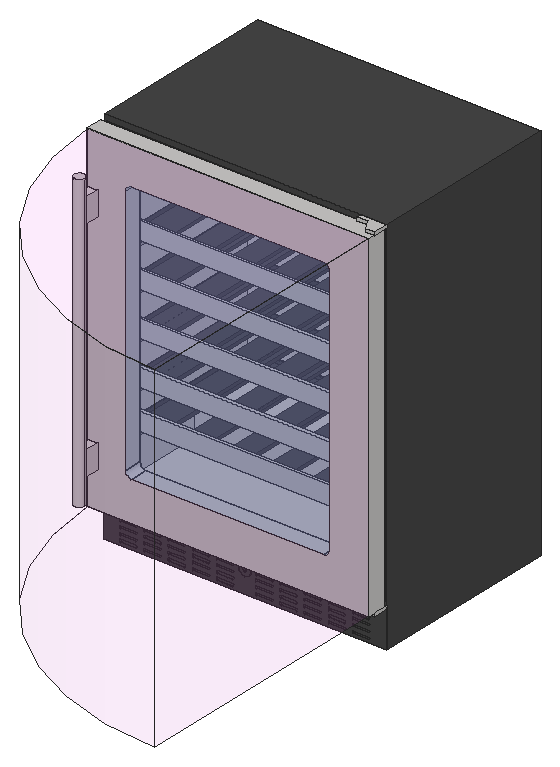
Revit family "QF_Summit_ASDW2412_ADA_Compliant_Wine_Cellar", category Specialty Equipment, Revit 2020
Family settings
  Round Connector Dimension = Use Diameter
  Part Type = Normal
  Work Plane-Based = No
  Always vertical = Yes
  Cut with Voids When Loaded = No
  Shared = No
  Room Calculation Point = No
Parameters
  Weight in Pounds = 120
  Watts = if(Phase = 3, Volts * FL Amps * 1.73, Volts * FL Amps)  # 115 W
  Volts = 115 V
  URL Cutsheet = ""
  Specification by User = ""
  Specification by Manufacturer = ""
  Show RHD [instance] = yes
  Show LHD [instance] = not(Show RHD)  # no
  Show Kickplate Extension [instance] = no
  Show Feet [instance] = not(Show Kickplate Extension)  # yes
  Show Clearance [instance] = yes
  Serial Number = ""
  Seismic Rating = ""
  SMACNA No = ""
  Revision Code = ""
  Phase = 1
  Number of Poles = 1
  NAFEM Spec ID Number = ""
  Model = "ASDW2412"
  Min Ckt Ampacity = 0 A
  Max Overcurrent Protection = 0 A
  Masterspec = ""
  Manufacturer = "Summit"
  Length = 23 3/8"
  Item Number = ""
  Installed By = ""
  Identify Quantity as Lot = yes
  Height = 32"
  HP = ""
  Furnished By = ""
  Foodservice Equipment Identifier = yes
  FL Amps = 1 A
  Electrical Remarks = ""
  Electric Connection Type = ""
  Elec Conn RI Height = 0"
  Elec Conn Connection Height = 0"
  Description = "ADA Compliant Wine Cellar"
  Depth = 17 3/4"
  Default Elevation = 0"
  Cycle = 60 Hz
  Conn Plug = ""
  Conn Conduit = yes
  CSI MasterFormat = ""
  Base Height [instance] = if(Show Feet, 1/2", if(Show Kickplate Extension, 2", 1/2"))  # 1/2"
  Apparent Power = if(Phase = 3, Volts * FL Amps * 1.73, Volts * FL Amps)  # 115 VA
Reference planes (in)
  plane 1 "BACK": y = 0
  plane 2: z = 0
  plane 3 "LEFT": x = 0
  plane 4 "RIGHT": x = 23.375
  plane 5 "FRONT": y = -17.75
  plane 6 "TOP": z = 32
  plane 7 "Center Y": x = 11.6875
  plane 8 "Center X": y = -8.875
  plane 9 "Base Height": z = 0.5
  plane 10: y = -39.875
  plane 11: y = -15.875
  plane 12: y = -19.625
  plane 13: z = 3.75
Forms (in)
  Extrusion 1, solid, material "QF_Metal_Black"
    sketch origin (0, 0, 0.5) x (-1, 0, 0) y (0, -1, 0)
      loop
        line (0, 0) -> (0, 15.875) -> (-23.375, 15.875) -> (-23.375, 0) -> (0, 0)
    from 0 to 31.5
  Extrusion 2, solid, material "QF_Metal_Stainless_Polished"
    sketch origin (23.375, -15.875, 0.5) x (-1, 0, 0) y (0, 0, -1)
      loop
        line (23.375, -31.25) -> (23.375, -3.25) -> (0, -3.25) -> (0, -31.25) -> (23.375, -31.25)
      loop
        arc (3.25, -27.75) -> (3.39767, -28.10233) -> (3.75, -28.25) r 0.49827
        line (3.75, -28.25) -> (19.625, -28.24827)
        arc (19.625, -28.24827) -> (19.97733, -28.10233) -> (20.125, -27.75) r 0.49827
        line (20.125, -27.75) -> (20.125, -7)
        arc (20.125, -7) -> (19.97855, -6.64645) -> (19.625, -6.5) r 0.5
        line (19.625, -6.5) -> (3.75, -6.5)
        arc (3.75, -6.5) -> (3.39645, -6.64645) -> (3.25, -7) r 0.5
        line (3.25, -7) -> (3.25, -27.75)
    from 0.375 to 1.875
  Extrusion 3, void
    sketch origin (0, -0.11403, 0) x (0, 1, 0) y (0, 0, 1)
      loop
        line (-17.63597, 30) -> (-17.63597, 5.75) -> (-9.01097, 5.75) -> (-9.01097, 9.5) -> (-3.51097, 9.5) -> (-3.51097, 30) -> (-17.63597, 30)
    from 2 to 21.375
  Extrusion 4, solid, material "Glass"
    sketch origin (23.375, -17.75, 0.5) x (-1, 0, 0) y (0, 0, -1)
      loop
        arc (20.12427, -6.99995) -> (19.9779, -6.64659) -> (19.62454, -6.50023) r 0.49973
        line (19.62454, -6.50023) -> (3.75, -6.50023)
        arc (3.75, -6.50023) -> (3.39661, -6.64661) -> (3.25023, -7) r 0.49977
        line (3.25023, -7) -> (3.25023, -27.74984)
        arc (3.25023, -27.74984) -> (3.3965, -28.10299) -> (3.74965, -28.24927) r 0.49942
        line (3.74965, -28.24927) -> (19.625, -28.24927)
        arc (19.625, -28.24927) -> (19.97803, -28.10303) -> (20.12427, -27.75) r 0.49927
        line (20.12427, -27.75) -> (20.12427, -6.99995)
    from 0 to -1.5
  Extrusion 5, solid, material "QF_Metal_Black"
    sketch origin (23.375, -15.875, 0.5) x (-1, 0, 0) y (0, 0, -1)
      loop
        line (23.375, -3.25) -> (23.375, 0) -> (0, 0) -> (0, -3.25) -> (23.375, -3.25)
      loop
        arc (14.6875, -2.768) -> (14.5625, -2.893) -> (14.6875, -3.018) r 0.125
        line (14.6875, -3.018) -> (15.9375, -3.018)
        arc (15.9375, -3.018) -> (16.0625, -2.893) -> (15.9375, -2.768) r 0.125
        line (15.9375, -2.768) -> (14.6875, -2.768)
      loop
        arc (14.6875, -2.264) -> (14.5625, -2.389) -> (14.6875, -2.514) r 0.125
        line (14.6875, -2.514) -> (15.9375, -2.514)
        arc (15.9375, -2.514) -> (16.0625, -2.389) -> (15.9375, -2.264) r 0.125
        line (15.9375, -2.264) -> (14.6875, -2.264)
      loop
        arc (14.6875, -1.76) -> (14.5625, -1.885) -> (14.6875, -2.01) r 0.125
        line (14.6875, -2.01) -> (15.9375, -2.01)
        arc (15.9375, -2.01) -> (16.0625, -1.885) -> (15.9375, -1.76) r 0.125
        line (15.9375, -1.76) -> (14.6875, -1.76)
      loop
        arc (14.6875, -1.258) -> (14.5625, -1.383) -> (14.6875, -1.508) r 0.125
        line (14.6875, -1.508) -> (15.9375, -1.508)
        arc (15.9375, -1.508) -> (16.0625, -1.383) -> (15.9375, -1.258) r 0.125
        line (15.9375, -1.258) -> (14.6875, -1.258)
      loop
        arc (14.6875, -0.754) -> (14.5625, -0.879) -> (14.6875, -1.004) r 0.125
        line (14.6875, -1.004) -> (15.9375, -1.004)
        arc (15.9375, -1.004) -> (16.0625, -0.879) -> (15.9375, -0.754) r 0.125
        line (15.9375, -0.754) -> (14.6875, -0.754)
      loop
        arc (14.6875, -0.25) -> (14.5625, -0.375) -> (14.6875, -0.5) r 0.125
        line (14.6875, -0.5) -> (15.9375, -0.5)
        arc (15.9375, -0.5) -> (16.0625, -0.375) -> (15.9375, -0.25) r 0.125
        line (15.9375, -0.25) -> (14.6875, -0.25)
      loop
        arc (12.6875, -2.768) -> (12.5625, -2.893) -> (12.6875, -3.018) r 0.125
        line (12.6875, -3.018) -> (13.9375, -3.018)
        arc (13.9375, -3.018) -> (14.0625, -2.893) -> (13.9375, -2.768) r 0.125
        line (13.9375, -2.768) -> (12.6875, -2.768)
      loop
        arc (12.6875, -2.264) -> (12.5625, -2.389) -> (12.6875, -2.514) r 0.125
        line (12.6875, -2.514) -> (13.9375, -2.514)
        arc (13.9375, -2.514) -> (14.0625, -2.389) -> (13.9375, -2.264) r 0.125
        line (13.9375, -2.264) -> (12.6875, -2.264)
      loop
        arc (12.6875, -1.76) -> (12.5625, -1.885) -> (12.6875, -2.01) r 0.125
        line (12.6875, -2.01) -> (13.9375, -2.01)
        arc (13.9375, -2.01) -> (14.0625, -1.885) -> (13.9375, -1.76) r 0.125
        line (13.9375, -1.76) -> (12.6875, -1.76)
      loop
        arc (12.6875, -1.258) -> (12.5625, -1.383) -> (12.6875, -1.508) r 0.125
        line (12.6875, -1.508) -> (13.9375, -1.508)
        arc (13.9375, -1.508) -> (14.0625, -1.383) -> (13.9375, -1.258) r 0.125
        line (13.9375, -1.258) -> (12.6875, -1.258)
      loop
        arc (12.6875, -0.754) -> (12.5625, -0.879) -> (12.6875, -1.004) r 0.125
        line (12.6875, -1.004) -> (13.9375, -1.004)
        arc (13.9375, -1.004) -> (14.0625, -0.879) -> (13.9375, -0.754) r 0.125
        line (13.9375, -0.754) -> (12.6875, -0.754)
      loop
        arc (12.6875, -0.25) -> (12.5625, -0.375) -> (12.6875, -0.5) r 0.125
        line (12.6875, -0.5) -> (13.9375, -0.5)
        arc (13.9375, -0.5) -> (14.0625, -0.375) -> (13.9375, -0.25) r 0.125
        line (13.9375, -0.25) -> (12.6875, -0.25)
      loop
        circle (11.6875, -1.885) r 0.5625
      loop
        arc (16.6875, -2.768) -> (16.5625, -2.893) -> (16.6875, -3.018) r 0.125
        line (16.6875, -3.018) -> (17.9375, -3.018)
        arc (17.9375, -3.018) -> (18.0625, -2.893) -> (17.9375, -2.768) r 0.125
        line (17.9375, -2.768) -> (16.6875, -2.768)
      loop
        arc (16.6875, -2.264) -> (16.5625, -2.389) -> (16.6875, -2.514) r 0.125
        line (16.6875, -2.514) -> (17.9375, -2.514)
        arc (17.9375, -2.514) -> (18.0625, -2.389) -> (17.9375, -2.264) r 0.125
        line (17.9375, -2.264) -> (16.6875, -2.264)
      loop
        arc (16.6875, -1.76) -> (16.5625, -1.885) -> (16.6875, -2.01) r 0.125
        line (16.6875, -2.01) -> (17.9375, -2.01)
        arc (17.9375, -2.01) -> (18.0625, -1.885) -> (17.9375, -1.76) r 0.125
        line (17.9375, -1.76) -> (16.6875, -1.76)
      loop
        arc (16.6875, -1.258) -> (16.5625, -1.383) -> (16.6875, -1.508) r 0.125
        line (16.6875, -1.508) -> (17.9375, -1.508)
        arc (17.9375, -1.508) -> (18.0625, -1.383) -> (17.9375, -1.258) r 0.125
        line (17.9375, -1.258) -> (16.6875, -1.258)
      loop
        arc (16.6875, -0.754) -> (16.5625, -0.879) -> (16.6875, -1.004) r 0.125
        line (16.6875, -1.004) -> (17.9375, -1.004)
        arc (17.9375, -1.004) -> (18.0625, -0.879) -> (17.9375, -0.754) r 0.125
        line (17.9375, -0.754) -> (16.6875, -0.754)
      loop
        arc (16.6875, -0.25) -> (16.5625, -0.375) -> (16.6875, -0.5) r 0.125
        line (16.6875, -0.5) -> (17.9375, -0.5)
        arc (17.9375, -0.5) -> (18.0625, -0.375) -> (17.9375, -0.25) r 0.125
        line (17.9375, -0.25) -> (16.6875, -0.25)
      loop
        arc (18.6875, -2.768) -> (18.5625, -2.893) -> (18.6875, -3.018) r 0.125
        line (18.6875, -3.018) -> (19.9375, -3.018)
        arc (19.9375, -3.018) -> (20.0625, -2.893) -> (19.9375, -2.768) r 0.125
        line (19.9375, -2.768) -> (18.6875, -2.768)
      loop
        arc (18.6875, -2.264) -> (18.5625, -2.389) -> (18.6875, -2.514) r 0.125
        line (18.6875, -2.514) -> (19.9375, -2.514)
        arc (19.9375, -2.514) -> (20.0625, -2.389) -> (19.9375, -2.264) r 0.125
        line (19.9375, -2.264) -> (18.6875, -2.264)
      loop
        arc (18.6875, -1.76) -> (18.5625, -1.885) -> (18.6875, -2.01) r 0.125
        line (18.6875, -2.01) -> (19.9375, -2.01)
        arc (19.9375, -2.01) -> (20.0625, -1.885) -> (19.9375, -1.76) r 0.125
        line (19.9375, -1.76) -> (18.6875, -1.76)
      loop
        arc (18.6875, -1.258) -> (18.5625, -1.383) -> (18.6875, -1.508) r 0.125
        line (18.6875, -1.508) -> (19.9375, -1.508)
        arc (19.9375, -1.508) -> (20.0625, -1.383) -> (19.9375, -1.258) r 0.125
        line (19.9375, -1.258) -> (18.6875, -1.258)
      loop
        arc (18.6875, -0.754) -> (18.5625, -0.879) -> (18.6875, -1.004) r 0.125
        line (18.6875, -1.004) -> (19.9375, -1.004)
        arc (19.9375, -1.004) -> (20.0625, -0.879) -> (19.9375, -0.754) r 0.125
        line (19.9375, -0.754) -> (18.6875, -0.754)
      loop
        arc (18.6875, -0.25) -> (18.5625, -0.375) -> (18.6875, -0.5) r 0.125
        line (18.6875, -0.5) -> (19.9375, -0.5)
        arc (19.9375, -0.5) -> (20.0625, -0.375) -> (19.9375, -0.25) r 0.125
        line (19.9375, -0.25) -> (18.6875, -0.25)
      loop
        arc (20.6875, -2.768) -> (20.5625, -2.893) -> (20.6875, -3.018) r 0.125
        line (20.6875, -3.018) -> (21.9375, -3.018)
        arc (21.9375, -3.018) -> (22.0625, -2.893) -> (21.9375, -2.768) r 0.125
        line (21.9375, -2.768) -> (20.6875, -2.768)
      loop
        arc (20.6875, -2.264) -> (20.5625, -2.389) -> (20.6875, -2.514) r 0.125
        line (20.6875, -2.514) -> (21.9375, -2.514)
        arc (21.9375, -2.514) -> (22.0625, -2.389) -> (21.9375, -2.264) r 0.125
        line (21.9375, -2.264) -> (20.6875, -2.264)
      loop
        arc (20.6875, -1.76) -> (20.5625, -1.885) -> (20.6875, -2.01) r 0.125
        line (20.6875, -2.01) -> (21.9375, -2.01)
        arc (21.9375, -2.01) -> (22.0625, -1.885) -> (21.9375, -1.76) r 0.125
        line (21.9375, -1.76) -> (20.6875, -1.76)
      loop
        arc (20.6875, -1.258) -> (20.5625, -1.383) -> (20.6875, -1.508) r 0.125
        line (20.6875, -1.508) -> (21.9375, -1.508)
        arc (21.9375, -1.508) -> (22.0625, -1.383) -> (21.9375, -1.258) r 0.125
        line (21.9375, -1.258) -> (20.6875, -1.258)
      loop
        arc (20.6875, -0.754) -> (20.5625, -0.879) -> (20.6875, -1.004) r 0.125
        line (20.6875, -1.004) -> (21.9375, -1.004)
        arc (21.9375, -1.004) -> (22.0625, -0.879) -> (21.9375, -0.754) r 0.125
        line (21.9375, -0.754) -> (20.6875, -0.754)
      loop
        arc (20.6875, -0.25) -> (20.5625, -0.375) -> (20.6875, -0.5) r 0.125
        line (20.6875, -0.5) -> (21.9375, -0.5)
        arc (21.9375, -0.5) -> (22.0625, -0.375) -> (21.9375, -0.25) r 0.125
        line (21.9375, -0.25) -> (20.6875, -0.25)
      loop
        line (8.6875, -2.768) -> (7.4375, -2.768)
        arc (7.4375, -2.768) -> (7.3125, -2.893) -> (7.4375, -3.018) r 0.125
        line (7.4375, -3.018) -> (8.6875, -3.018)
        arc (8.6875, -3.018) -> (8.8125, -2.893) -> (8.6875, -2.768) r 0.125
      loop
        line (8.6875, -2.264) -> (7.4375, -2.264)
        arc (7.4375, -2.264) -> (7.3125, -2.389) -> (7.4375, -2.514) r 0.125
        line (7.4375, -2.514) -> (8.6875, -2.514)
        arc (8.6875, -2.514) -> (8.8125, -2.389) -> (8.6875, -2.264) r 0.125
      loop
        line (8.6875, -1.76) -> (7.4375, -1.76)
        arc (7.4375, -1.76) -> (7.3125, -1.885) -> (7.4375, -2.01) r 0.125
        line (7.4375, -2.01) -> (8.6875, -2.01)
        arc (8.6875, -2.01) -> (8.8125, -1.885) -> (8.6875, -1.76) r 0.125
      loop
        line (8.6875, -1.258) -> (7.4375, -1.258)
        arc (7.4375, -1.258) -> (7.3125, -1.383) -> (7.4375, -1.508) r 0.125
        line (7.4375, -1.508) -> (8.6875, -1.508)
        arc (8.6875, -1.508) -> (8.8125, -1.383) -> (8.6875, -1.258) r 0.125
      loop
        line (8.6875, -0.754) -> (7.4375, -0.754)
        arc (7.4375, -0.754) -> (7.3125, -0.879) -> (7.4375, -1.004) r 0.125
        line (7.4375, -1.004) -> (8.6875, -1.004)
        arc (8.6875, -1.004) -> (8.8125, -0.879) -> (8.6875, -0.754) r 0.125
      loop
        line (8.6875, -0.25) -> (7.4375, -0.25)
        arc (7.4375, -0.25) -> (7.3125, -0.375) -> (7.4375, -0.5) r 0.125
        line (7.4375, -0.5) -> (8.6875, -0.5)
        arc (8.6875, -0.5) -> (8.8125, -0.375) -> (8.6875, -0.25) r 0.125
      loop
        line (10.6875, -2.768) -> (9.4375, -2.768)
        arc (9.4375, -2.768) -> (9.3125, -2.893) -> (9.4375, -3.018) r 0.125
        line (9.4375, -3.018) -> (10.6875, -3.018)
        arc (10.6875, -3.018) -> (10.8125, -2.893) -> (10.6875, -2.768) r 0.125
      loop
        line (10.6875, -2.264) -> (9.4375, -2.264)
        arc (9.4375, -2.264) -> (9.3125, -2.389) -> (9.4375, -2.514) r 0.125
        line (9.4375, -2.514) -> (10.6875, -2.514)
        arc (10.6875, -2.514) -> (10.8125, -2.389) -> (10.6875, -2.264) r 0.125
      loop
        line (10.6875, -1.76) -> (9.4375, -1.76)
        arc (9.4375, -1.76) -> (9.3125, -1.885) -> (9.4375, -2.01) r 0.125
        line (9.4375, -2.01) -> (10.6875, -2.01)
        arc (10.6875, -2.01) -> (10.8125, -1.885) -> (10.6875, -1.76) r 0.125
      loop
        line (10.6875, -1.258) -> (9.4375, -1.258)
        arc (9.4375, -1.258) -> (9.3125, -1.383) -> (9.4375, -1.508) r 0.125
        line (9.4375, -1.508) -> (10.6875, -1.508)
        arc (10.6875, -1.508) -> (10.8125, -1.383) -> (10.6875, -1.258) r 0.125
      loop
        line (10.6875, -0.754) -> (9.4375, -0.754)
        arc (9.4375, -0.754) -> (9.3125, -0.879) -> (9.4375, -1.004) r 0.125
        line (9.4375, -1.004) -> (10.6875, -1.004)
        arc (10.6875, -1.004) -> (10.8125, -0.879) -> (10.6875, -0.754) r 0.125
      loop
        line (10.6875, -0.25) -> (9.4375, -0.25)
        arc (9.4375, -0.25) -> (9.3125, -0.375) -> (9.4375, -0.5) r 0.125
        line (9.4375, -0.5) -> (10.6875, -0.5)
        arc (10.6875, -0.5) -> (10.8125, -0.375) -> (10.6875, -0.25) r 0.125
      loop
        line (6.6875, -2.768) -> (5.4375, -2.768)
        arc (5.4375, -2.768) -> (5.3125, -2.893) -> (5.4375, -3.018) r 0.125
        line (5.4375, -3.018) -> (6.6875, -3.018)
        arc (6.6875, -3.018) -> (6.8125, -2.893) -> (6.6875, -2.768) r 0.125
      loop
        line (6.6875, -2.264) -> (5.4375, -2.264)
        arc (5.4375, -2.264) -> (5.3125, -2.389) -> (5.4375, -2.514) r 0.125
        line (5.4375, -2.514) -> (6.6875, -2.514)
        arc (6.6875, -2.514) -> (6.8125, -2.389) -> (6.6875, -2.264) r 0.125
      loop
        line (6.6875, -1.76) -> (5.4375, -1.76)
        arc (5.4375, -1.76) -> (5.3125, -1.885) -> (5.4375, -2.01) r 0.125
        line (5.4375, -2.01) -> (6.6875, -2.01)
        arc (6.6875, -2.01) -> (6.8125, -1.885) -> (6.6875, -1.76) r 0.125
      loop
        line (6.6875, -1.258) -> (5.4375, -1.258)
        arc (5.4375, -1.258) -> (5.3125, -1.383) -> (5.4375, -1.508) r 0.125
        line (5.4375, -1.508) -> (6.6875, -1.508)
        arc (6.6875, -1.508) -> (6.8125, -1.383) -> (6.6875, -1.258) r 0.125
      loop
        line (6.6875, -0.754) -> (5.4375, -0.754)
        arc (5.4375, -0.754) -> (5.3125, -0.879) -> (5.4375, -1.004) r 0.125
        line (5.4375, -1.004) -> (6.6875, -1.004)
        arc (6.6875, -1.004) -> (6.8125, -0.879) -> (6.6875, -0.754) r 0.125
      loop
        line (6.6875, -0.25) -> (5.4375, -0.25)
        arc (5.4375, -0.25) -> (5.3125, -0.375) -> (5.4375, -0.5) r 0.125
        line (5.4375, -0.5) -> (6.6875, -0.5)
        arc (6.6875, -0.5) -> (6.8125, -0.375) -> (6.6875, -0.25) r 0.125
      loop
        line (4.6875, -2.768) -> (3.4375, -2.768)
        arc (3.4375, -2.768) -> (3.3125, -2.893) -> (3.4375, -3.018) r 0.125
        line (3.4375, -3.018) -> (4.6875, -3.018)
        arc (4.6875, -3.018) -> (4.8125, -2.893) -> (4.6875, -2.768) r 0.125
      loop
        line (4.6875, -2.264) -> (3.4375, -2.264)
        arc (3.4375, -2.264) -> (3.3125, -2.389) -> (3.4375, -2.514) r 0.125
        line (3.4375, -2.514) -> (4.6875, -2.514)
        arc (4.6875, -2.514) -> (4.8125, -2.389) -> (4.6875, -2.264) r 0.125
      loop
        line (4.6875, -1.76) -> (3.4375, -1.76)
        arc (3.4375, -1.76) -> (3.3125, -1.885) -> (3.4375, -2.01) r 0.125
        line (3.4375, -2.01) -> (4.6875, -2.01)
        arc (4.6875, -2.01) -> (4.8125, -1.885) -> (4.6875, -1.76) r 0.125
      loop
        line (4.6875, -1.258) -> (3.4375, -1.258)
        arc (3.4375, -1.258) -> (3.3125, -1.383) -> (3.4375, -1.508) r 0.125
        line (3.4375, -1.508) -> (4.6875, -1.508)
        arc (4.6875, -1.508) -> (4.8125, -1.383) -> (4.6875, -1.258) r 0.125
      loop
        line (4.6875, -0.754) -> (3.4375, -0.754)
        arc (3.4375, -0.754) -> (3.3125, -0.879) -> (3.4375, -1.004) r 0.125
        line (3.4375, -1.004) -> (4.6875, -1.004)
        arc (4.6875, -1.004) -> (4.8125, -0.879) -> (4.6875, -0.754) r 0.125
      loop
        line (4.6875, -0.25) -> (3.4375, -0.25)
        arc (3.4375, -0.25) -> (3.3125, -0.375) -> (3.4375, -0.5) r 0.125
        line (3.4375, -0.5) -> (4.6875, -0.5)
        arc (4.6875, -0.5) -> (4.8125, -0.375) -> (4.6875, -0.25) r 0.125
      loop
        line (2.6875, -2.768) -> (1.4375, -2.768)
        arc (1.4375, -2.768) -> (1.3125, -2.893) -> (1.4375, -3.018) r 0.125
        line (1.4375, -3.018) -> (2.6875, -3.018)
        arc (2.6875, -3.018) -> (2.8125, -2.893) -> (2.6875, -2.768) r 0.125
      loop
        line (2.6875, -2.264) -> (1.4375, -2.264)
        arc (1.4375, -2.264) -> (1.3125, -2.389) -> (1.4375, -2.514) r 0.125
        line (1.4375, -2.514) -> (2.6875, -2.514)
        arc (2.6875, -2.514) -> (2.8125, -2.389) -> (2.6875, -2.264) r 0.125
      loop
        line (2.6875, -1.76) -> (1.4375, -1.76)
        arc (1.4375, -1.76) -> (1.3125, -1.885) -> (1.4375, -2.01) r 0.125
        line (1.4375, -2.01) -> (2.6875, -2.01)
        arc (2.6875, -2.01) -> (2.8125, -1.885) -> (2.6875, -1.76) r 0.125
      loop
        line (2.6875, -1.258) -> (1.4375, -1.258)
        arc (1.4375, -1.258) -> (1.3125, -1.383) -> (1.4375, -1.508) r 0.125
        line (1.4375, -1.508) -> (2.6875, -1.508)
        arc (2.6875, -1.508) -> (2.8125, -1.383) -> (2.6875, -1.258) r 0.125
      loop
        line (2.6875, -0.754) -> (1.4375, -0.754)
        arc (1.4375, -0.754) -> (1.3125, -0.879) -> (1.4375, -1.004) r 0.125
        line (1.4375, -1.004) -> (2.6875, -1.004)
        arc (2.6875, -1.004) -> (2.8125, -0.879) -> (2.6875, -0.754) r 0.125
      loop
        line (2.6875, -0.25) -> (1.4375, -0.25)
        arc (1.4375, -0.25) -> (1.3125, -0.375) -> (1.4375, -0.5) r 0.125
        line (1.4375, -0.5) -> (2.6875, -0.5)
        arc (2.6875, -0.5) -> (2.8125, -0.375) -> (2.6875, -0.25) r 0.125
    from 0 to 0.0625
  Extrusion 6, solid, material "QF_Rubber - Black - Smooth"
    sketch origin (23.375, -15.875, 0.5) x (-1, 0, 0) y (0, 0, -1)
      loop
        line (23.1875, -3.4375) -> (0.1875, -3.4375) -> (0.1875, -31.0625) -> (23.1875, -31.0625) -> (23.1875, -3.4375)
      loop
        line (22.1875, -4.4375) -> (1.1875, -4.4375) -> (1.1875, -30.0625) -> (22.1875, -30.0625) -> (22.1875, -4.4375)
    from 0 to 0.375
  Extrusion 7, solid, material "QF_Metal - Stainless - Polished", visible <- "Show RHD"
    sketch origin (0, 0, 32) x (-1, 0, 0) y (0, -1, 0)
      loop
        line (-23.375, 15.875) -> (-21.25, 15.875) -> (-21.25, 16.3125) -> (-22.125, 16.3125) -> (-22.625, 17.125) -> (-23.375, 17.125) -> (-23.375, 15.875)
    from 0 to -0.25
  Extrusion 8, solid, material "QF_Metal - Stainless - Polished", visible <- "Show RHD"
    sketch origin (-5.70957, -180, 3.75) x (-1, 0, 0) y (0, -1, 0)
      loop
        line (-29.08457, -164.125) -> (-26.95957, -164.125) -> (-26.95957, -163.6875) -> (-27.83457, -163.6875) -> (-28.33457, -162.875) -> (-29.08457, -162.875) -> (-29.08457, -164.125)
    from 0 to -0.25
  Extrusion 9, solid, material "QF_Metal_Black"
    sketch origin (23.375, -15.9375, 0.5) x (-1, 0, 0) y (0, 0, -1)
      loop
        circle (11.6875, -1.885) r 0.5
      loop
        arc (11.71179, -2.07097) -> (11.87511, -1.88507) -> (11.71179, -1.69917) r 0.18746
        line (11.71179, -1.69917) -> (11.71179, -2.07097)
      loop
        line (11.66232, -2.07069) -> (11.66232, -1.69923)
        arc (11.66232, -1.69923) -> (11.5002, -1.88496) -> (11.66232, -2.07069) r 0.18745
    from -0.0625 to 0
  Extrusion 10, solid, material "QF_Rubber - Black - Smooth"
    sketch origin (0, 0, 0.5) x (1, 0, 0) y (0, 0, -1)
      loop
        circle (22.62756, -1) r 0.25
    from 0 to 0.0625
  Extrusion 11, solid, material "QF_Metal - Stainless - Polished", visible <- "Show RHD"
    sketch origin (0, 0, 0.5) x (-1, 0, 0) y (0, -1, 0)
      loop
        circle (-0.56375, 19.18625) r 0.43625
    from 4.25 to 28.5
  Extrusion 12, solid, material "QF_Metal - Stainless - Polished", visible <- "Show RHD"
    sketch origin (22.99875, -17.75, 0.5) x (-1, 0, 0) y (0, 0, -1)
      loop
        line (22.065, -25) -> (22.065, -27) -> (22.815, -27) -> (22.815, -25) -> (22.065, -25)
      loop
        line (22.06375, -8.25) -> (22.81375, -8.25) -> (22.81063, -6.25) -> (22.06313, -6.25) -> (22.06375, -8.25)
    from 0 to 1.43625
  Extrusion 13, solid, material "QF_Metal_Black"
    sketch origin (23.375, -15.875, 0.5) x (-1, 0, 0) y (0, 0, -1)
      loop
        line (21.375, -29.5) -> (21.375, -27.75) -> (2, -27.75) -> (2, -29.5) -> (21.375, -29.5)
    from 0 to -0.25
  Revolve 14, solid, material "QF_Metal - Stainless - Polished", visible <- "Show Feet"
    sketch origin (0, -1.6875, 0) x (1, 0, 0) y (0, 0, 1)
      loop
        line (21.67311, 0.5) -> (21.48561, 0.5) -> (21.48561, 0.375) -> (21.10713, 0.375)
        arc (21.10713, 0.375) -> (21.06898, 0.35732) -> (21.05781, 0.31678) r 0.05
        line (21.05781, 0.31678) -> (21.10365, 0.04178)
        arc (21.10365, 0.04178) -> (21.12065, 0.01185) -> (21.15297, 0) r 0.05
        line (21.15297, 0) -> (21.67311, 0) -> (21.67311, 0.5)
      axis (21.67311, 0) -> (21.67311, 0.5)
    angle from 0 to 360
  Revolve 15, solid, material "QF_Metal - Stainless - Polished", visible <- "Show Feet"
    sketch origin (0, -14.3125, 0) x (1, 0, 0) y (0, 0, 1)
      loop
        line (21.67311, 0.5) -> (21.48561, 0.5) -> (21.48561, 0.375) -> (21.10713, 0.375)
        arc (21.10713, 0.375) -> (21.06898, 0.35732) -> (21.05781, 0.31678) r 0.05
        line (21.05781, 0.31678) -> (21.10365, 0.04178)
        arc (21.10365, 0.04178) -> (21.12065, 0.01185) -> (21.15297, 0) r 0.05
        line (21.15297, 0) -> (21.67311, 0) -> (21.67311, 0.5)
      axis (21.67311, 0) -> (21.67311, 0.5)
    angle from 0 to 360
  Revolve 16, solid, material "QF_Metal - Stainless - Polished", visible <- "Show Feet"
    sketch origin (-11.29811, -1.6875, 0) x (1, 0, 0) y (0, 0, 1)
      loop
        line (13.04811, 0.5) -> (12.86061, 0.5) -> (12.86061, 0.375) -> (12.48213, 0.375)
        arc (12.48213, 0.375) -> (12.44398, 0.35732) -> (12.43281, 0.31678) r 0.05
        line (12.43281, 0.31678) -> (12.47865, 0.04178)
        arc (12.47865, 0.04178) -> (12.49565, 0.01185) -> (12.52797, 0) r 0.05
        line (12.52797, 0) -> (13.04811, 0) -> (13.04811, 0.5)
      axis (13.04811, 0) -> (13.04811, 0.5)
    angle from 0 to 360
  Revolve 17, solid, material "QF_Metal - Stainless - Polished", visible <- "Show Feet"
    sketch origin (-11.29811, -14.3125, 0) x (1, 0, 0) y (0, 0, 1)
      loop
        line (13.04811, 0.5) -> (12.86061, 0.5) -> (12.86061, 0.375) -> (12.48213, 0.375)
        arc (12.48213, 0.375) -> (12.44398, 0.35732) -> (12.43281, 0.31678) r 0.05
        line (12.43281, 0.31678) -> (12.47865, 0.04178)
        arc (12.47865, 0.04178) -> (12.49565, 0.01185) -> (12.52797, 0) r 0.05
        line (12.52797, 0) -> (13.04811, 0) -> (13.04811, 0.5)
      axis (13.04811, 0) -> (13.04811, 0.5)
    angle from 0 to 360
  Extrusion 18, solid, material "QF_Clearances_Door_Drawer", visible <- "Show RHD"
    sketch origin (0, 0, 0.5) x (-1, 0, 0) y (0, -1, 0)
      loop
        arc (-0.07647, 17.75) -> (-7.31, 33.46245) -> (-23.375, 39.875) r 23.32965
        line (-23.375, 39.875) -> (-23.375, 17.75) -> (-0.07647, 17.75)
    from 3.25 to 31.25
  Extrusion 19, solid, material "QF_Metal - Stainless - Polished"
    sketch origin (0, -3.625, 30) x (0, 0, -1) y (1, 0, 0)
      loop
        line (6.375, 2) -> (7.66024, 2) -> (6.77171, 2.75) -> (6.375, 2.75) -> (6.375, 2)
      loop
        line (13.625, 2) -> (14.74343, 2) -> (13.8549, 2.75) -> (13.625, 2.75) -> (13.625, 2)
      loop
        line (20.5, 2) -> (21.61843, 2) -> (20.7299, 2.75) -> (20.5, 2.75) -> (20.5, 2)
      loop
        line (6.375, 21.375) -> (6.375, 20.625) -> (6.6049, 20.625) -> (7.49343, 21.375) -> (6.375, 21.375)
      loop
        line (13.625, 21.375) -> (13.625, 20.625) -> (13.8549, 20.625) -> (14.74343, 21.375) -> (13.625, 21.375)
      loop
        line (20.5, 21.375) -> (20.5, 20.625) -> (20.7299, 20.625) -> (21.61843, 21.375) -> (20.5, 21.375)
      loop
        line (10, 2) -> (11.11843, 2) -> (10.2299, 2.75) -> (10, 2.75) -> (10, 2)
      loop
        line (10, 21.375) -> (10, 20.625) -> (10.2299, 20.625) -> (11.11843, 21.375) -> (10, 21.375)
      loop
        line (17.25, 2) -> (18.36843, 2) -> (17.4799, 2.75) -> (17.25, 2.75) -> (17.25, 2)
      loop
        line (17.25, 21.375) -> (17.25, 20.625) -> (17.4799, 20.625) -> (18.36843, 21.375) -> (17.25, 21.375)
    from 0 to 12
  Extrusion 20, solid, material "QF_Metal_Black"
    sketch origin (4.27727, -3.625, 30) x (0, 0, -1) y (1, 0, 0)
      loop
        circle (3.99969, 7.375) r 1.96477
      loop
        circle (3.99969, 7.375) r 1.90227
      loop
        circle (3.99969, 7.41023) r 1.625
      loop
        circle (3.99969, 7.41023) r 1.25
      loop
        circle (3.99969, 7.41023) r 0.875
      loop
        circle (3.99969, 7.41023) r 0.5
      loop
        circle (3.99969, 7.41023) r 1.5625
      loop
        circle (3.99969, 7.41023) r 1.1875
      loop
        circle (3.99969, 7.41023) r 0.8125
    from 0.125 to 0.25
  Extrusion 21, solid, material "QF_Metal_Black"
    sketch origin (4.27727, -3.625, 30) x (0, 0, -1) y (1, 0, 0)
      loop
        arc (3.50791, 7.31995) -> (3.05061, 6.88738) -> (2.99599, 6.26028) r 0.88604
        arc (2.99599, 6.26028) -> (3.28366, 5.90563) -> (3.73889, 5.86965) r 0.57918
        arc (3.73889, 5.86965) -> (3.92804, 6.09061) -> (3.82424, 6.36231) r 0.28455
        arc (3.82424, 6.36231) -> (3.67217, 6.57301) -> (3.65323, 6.83216) r 0.47652
        arc (3.65323, 6.83216) -> (3.68313, 6.91495) -> (3.73523, 6.9859) r 0.30803
        arc (3.73523, 6.9859) -> (3.97538, 6.91083) -> (4.22168, 6.96222) r 0.5
        arc (4.22168, 6.96222) -> (4.80298, 6.68934) -> (5.41594, 6.88079) r 0.88604
        arc (5.41594, 6.88079) -> (5.63166, 7.28327) -> (5.4887, 7.71697) r 0.57918
        arc (5.4887, 7.71697) -> (5.21177, 7.80589) -> (5.00138, 7.60505) r 0.28455
        arc (5.00138, 7.60505) -> (4.86594, 7.3833) -> (4.6343, 7.26557) r 0.47652
        arc (4.6343, 7.26557) -> (4.55704, 7.2603) -> (4.48091, 7.27447) r 0.30803
        arc (4.48091, 7.27447) -> (4.49497, 7.34171) -> (4.49969, 7.41023) r 0.5
        arc (4.49969, 7.41023) -> (4.44074, 7.64576) -> (4.27781, 7.82575) r 0.5
        arc (4.27781, 7.82575) -> (4.21448, 8.43492) -> (3.77116, 8.85749) r 0.88604
        arc (3.77116, 8.85749) -> (3.31451, 8.85901) -> (2.9987, 8.52917) r 0.57918
        arc (2.9987, 8.52917) -> (3.0502, 8.24291) -> (3.3263, 8.15144) r 0.28455
        arc (3.3263, 8.15144) -> (3.58568, 8.13596) -> (3.79838, 7.9867) r 0.47652
        arc (3.79838, 7.9867) -> (3.82984, 7.93982) -> (3.85221, 7.88799) r 0.30803
        arc (3.85221, 7.88799) -> (3.5721, 7.66941) -> (3.50791, 7.31995) r 0.5
    from 0 to 0.0625
  Extrusion 22, solid, material "QF_Metal - Stainless - Polished", visible <- "Show LHD"
    sketch origin (23.375, 0, 32) x (1, 0, 0) y (0, 1, 0)
      loop
        line (-23.375, -15.875) -> (-23.375, -17.125) -> (-22.625, -17.125) -> (-22.125, -16.3125) -> (-21.25, -16.3125) -> (-21.25, -15.875) -> (-23.375, -15.875)
    from 0 to -0.25
  Extrusion 23, solid, material "QF_Metal - Stainless - Polished", visible <- "Show LHD"
    sketch origin (29.08457, -180, 3.75) x (1, 0, 0) y (0, 1, 0)
      loop
        line (-29.08457, 164.125) -> (-29.08457, 162.875) -> (-28.33457, 162.875) -> (-27.83457, 163.6875) -> (-26.95957, 163.6875) -> (-26.95957, 164.125) -> (-29.08457, 164.125)
    from 0 to -0.25
  Extrusion 24, solid, material "QF_Metal - Stainless - Polished", visible <- "Show LHD"
    sketch origin (23.375, 0, 0.5) x (1, 0, 0) y (0, 1, 0)
      loop
        circle (-0.56375, -19.18625) r 0.43625
    from 4.25 to 28.5
  Extrusion 25, solid, material "QF_Metal - Stainless - Polished", visible <- "Show LHD"
    sketch origin (0.37625, -17.75, 0.5) x (1, 0, 0) y (0, 0, 1)
      loop
        line (22.065, 25) -> (22.815, 25) -> (22.815, 27) -> (22.065, 27) -> (22.065, 25)
      loop
        line (22.06375, 8.25) -> (22.06313, 6.25) -> (22.81063, 6.25) -> (22.81375, 8.25) -> (22.06375, 8.25)
    from 0 to 1.43625
  Extrusion 26, solid, material "QF_Clearances_Door_Drawer", visible <- "Show LHD"
    sketch origin (23.375, 0, 0.5) x (1, 0, 0) y (0, 1, 0)
      loop
        line (-0.07647, -17.75) -> (-23.375, -17.75) -> (-23.375, -39.875)
        arc (-23.375, -39.875) -> (-7.31, -33.46245) -> (-0.07647, -17.75) r 23.32965
    from 3.25 to 31.25
Cuts and joins
  Extrusion 3 cuts Extrusion 1
  joined: Extrusion 11, Extrusion 12
Lines and regions (in)
  symbolic lines
    curve 1: line (0, 0, 0.5) -> (23.375, 0, 0.5)
    curve 2: line (0, -15.875, 0.5) -> (0, 0, 0.5)
    curve 3: line (23.375, -15.875, 0.5) -> (0, -15.875, 0.5)
    curve 4: line (23.375, 0, 0.5) -> (23.375, -15.875, 0.5)
  symbolic lines, visible <- "Show RHD"
    curve 5: line (0, -16.25, 0.5) -> (21.25, -16.25, 0.5)
    curve 6: line (0, -17.75, 0.5) -> (0, -16.25, 0.5)
    curve 7: line (23.375, -17.75, 0.5) -> (0, -17.75, 0.5)
    curve 8: line (21.25, -15.875, 0.5) -> (21.25, -16.3125, 0.5)
    curve 9: line (21.25, -16.3125, 0.5) -> (22.125, -16.3125, 0.5)
    curve 10: line (22.125, -16.3125, 0.5) -> (22.625, -17.125, 0.5)
    curve 11: line (22.625, -17.125, 0.5) -> (23.375, -17.125, 0.5)
    curve 12: line (0.1875, -15.875, 0.5) -> (0.1875, -16.25, 0.5)
    curve 13: line (0.18375, -17.75, 0.5) -> (0.18375, -18.97197, 0.5)
    curve 14: line (0.93375, -17.75, 0.5) -> (0.93375, -18.95514, 0.5)
    curve 15: arc (1, -19.18625, 0.5) -> (0.56375, -18.75, 0.5) -> (0.1275, -19.18625, 0.5) r 0.43625
    curve 16: arc (0.1275, -19.18625, 0.5) -> (0.56375, -19.6225, 0.5) -> (1, -19.18625, 0.5) r 0.43625
    curve 19: line (23.375, -15.875, 0.5) -> (23.375, -17.75, 0.5)
  symbolic lines, style "QF_Clearances_Door_Drawer", visible <- "Show RHD"
    curve 17: arc (0.07647, -17.75, 0.5) -> (1.15736, -23.66216, 0.5) -> (3.71277, -29.10199, 0.5) r 23.32965
    curve 18: line (23.375, -17.75, 0.5) -> (3.71277, -29.10199, 0.5)
  symbolic lines, visible <- "Show LHD"
    curve 20: line (23.375, -16.25, 0.5) -> (2.125, -16.25, 0.5)
    curve 21: line (23.375, -17.75, 0.5) -> (23.375, -16.25, 0.5)
    curve 22: line (0, -17.75, 0.5) -> (23.375, -17.75, 0.5)
    curve 23: line (2.125, -15.875, 0.5) -> (2.125, -16.3125, 0.5)
    curve 24: line (2.125, -16.3125, 0.5) -> (1.25, -16.3125, 0.5)
    curve 25: line (1.25, -16.3125, 0.5) -> (0.75, -17.125, 0.5)
    curve 26: line (0.75, -17.125, 0.5) -> (0, -17.125, 0.5)
    curve 27: line (23.1875, -15.875, 0.5) -> (23.1875, -16.25, 0.5)
    curve 28: line (23.19125, -17.75, 0.5) -> (23.19125, -18.97197, 0.5)
    curve 29: line (22.44125, -17.75, 0.5) -> (22.44125, -18.95514, 0.5)
    curve 30: arc (22.375, -19.18625, 0.5) -> (22.81125, -18.75, 0.5) -> (23.2475, -19.18625, 0.5) r 0.43625
    curve 31: arc (23.2475, -19.18625, 0.5) -> (22.81125, -19.6225, 0.5) -> (22.375, -19.18625, 0.5) r 0.43625
    curve 34: line (0, -15.875, 0.5) -> (0, -17.75, 0.5)
  symbolic lines, style "QF_Clearances_Door_Drawer", visible <- "Show LHD"
    curve 32: arc (23.29853, -17.75, 0.5) -> (22.21764, -23.66216, 0.5) -> (19.66223, -29.10199, 0.5) r 23.32965
    curve 33: line (0, -17.75, 0.5) -> (19.66223, -29.10199, 0.5)
Dimensions and locks (in)
  equal spacing: plane 3 "LEFT", plane 7 "Center Y", plane 4 "RIGHT"
  "Length": plane 3 "LEFT" to plane 4 "RIGHT"
  equal spacing: plane 5 "FRONT", plane 8 "Center X", plane 1 "BACK"
  "Depth": plane 5 "FRONT" to plane 1 "BACK"
  plane 6 "TOP" to level = 32"
  "Base Height": plane 9 "Base Height" to level
  plane 10 to plane 1 "BACK" = 39 7/8"
  plane 11 to plane 1 "BACK" = 15 7/8"
  plane 12 to plane 5 "FRONT" = 1 7/8"
  plane 13 to plane 9 "Base Height" = 3 1/4"
  locked: plane 6 "TOP" to plane 9 "Base Height" at 31.5
  aligned and locked: level to plane 2
  aligned and locked: plane 7 "Center Y" to nested 1
Automatic sketch dimensions
  curve 7 to plane 4 "RIGHT" = 0"
  curve 17 to plane 4 "RIGHT" = 0"
  curve 8 to plane 11 = 0"
  plane 5 "FRONT" to curve 14 = 0"
  curve 3 to plane 3 "LEFT" = 0"
  plane 1 "BACK" to curve 1 = 0"
  curve 32 to curve 26 = 0"
  curve 26 to curve 26 = 3/4"
  curve 24 to plane 11 = 7/16"
  curve 24 to curve 25 = 1/2"
  curve 24 to curve 24 = 7/8"
  curve 33 to plane 12 = 9.47699"
  plane 12 to curve 30 = 0.43875"
  curve 30 to curve 32 = 3.14902"
  curve 21 to plane 11 = 3/8"
  curve 21 to curve 30 = 0.56375"
  curve 11 to curve 11 = 3/4"
  curve 9 to plane 11 = 7/16"
  curve 10 to curve 9 = 1/2"
  curve 9 to curve 9 = 7/8"
  plane 3 "LEFT" to curve 18 = 3.71277"
  plane 3 "LEFT" to curve 16 = 0.56375"
  curve 2 to curve 6 = 3/8"
  curve 3 to curve 17 = 0.67035"
  curve 32 to plane 11 = 0.67035"
  curve 10 to plane 5 "FRONT" = 5/8"
  curve 25 to plane 5 "FRONT" = 5/8"
  plane 12 to curve 16 = 0.43875"
  curve 18 to plane 12 = 9.47699"
  curve 30 to curve 30 = 0.43625"
  curve 29 to curve 30 = 0.06625"
  curve 20 to curve 27 = 3/16"
  curve 32 to curve 28 = 0.10728"
  curve 15 to curve 15 = 0.43625"
  curve 14 to curve 17 = 0.85728"
  plane 3 "LEFT" to curve 12 = 3/16"
  plane 3 "LEFT" to curve 13 = 0.18375"
  plane 1 "BACK" to Extrusion 1 sketch curve = 0"
  Extrusion 1 sketch curve to plane 4 "RIGHT" = 0"
  Extrusion 1 sketch curve to plane 3 "LEFT" = 0"
  Extrusion 1 sketch curve to plane 11 = 0"
  Extrusion 2 sketch curve to Extrusion 1 = 0"  (x2)
  Extrusion 2 sketch curve to Extrusion 1 = 3 1/4"
  Extrusion 2 sketch curve to Extrusion 2 sketch curve = 1/2"  (x3)
  Extrusion 1 to Extrusion 2 sketch curve = 3 3/4"  (x4)
  Extrusion 1 to Extrusion 2 sketch curve = 1/4"
  Extrusion 1 to Extrusion 2 sketch curve = 7"
  Extrusion 1 to Extrusion 2 sketch curve = 3 1/4"
  Extrusion 2 sketch curve to Extrusion 2 sketch curve = 0.00173"  (x3)
  Extrusion 2 sketch curve to Extrusion 2 sketch curve = 0"  (x4)
  Extrusion 3 sketch curve to plane 5 "FRONT" = 0"
  Extrusion 3 sketch curve to plane 8 "Center X" = 1/4"
  plane 1 "BACK" to Extrusion 3 sketch curve = 3 5/8"
  plane 13 to Extrusion 3 sketch curve = 2"
  Extrusion 3 sketch curve to Extrusion 3 sketch curve = 3 3/4"
  Extrusion 3 sketch curve to plane 6 "TOP" = 2"
  Extrusion 4 sketch curve to Extrusion 4 sketch curve = 0.49942"
  Extrusion 2 to Extrusion 4 sketch curve = 0.50046"
  Extrusion 5 sketch curve to Extrusion 5 sketch curve = 0"  (x90)
  Extrusion 5 sketch curve to Extrusion 1 = 0"  (x3)
  Extrusion 1 to Extrusion 5 sketch curve = 1/4"  (x7)
  Extrusion 5 sketch curve to Extrusion 1 = 1 7/16"
  Extrusion 5 sketch curve to Extrusion 5 sketch curve = 1 1/4"  (x13)
  Extrusion 5 sketch curve to Extrusion 5 sketch curve = 3/4"  (x17)
  Extrusion 1 to Extrusion 5 sketch curve = 1/2"  (x2)
  Extrusion 5 sketch curve to Extrusion 5 sketch curve = 1"  (x3)
  Extrusion 5 sketch curve to Extrusion 5 sketch curve = 1/4"  (x7)
  Extrusion 5 sketch curve to Extrusion 5 sketch curve = 0.504"  (x6)
  Extrusion 1 to Extrusion 5 sketch curve = 0.754"
  Extrusion 5 sketch curve to Extrusion 5 sketch curve = 0.254"  (x34)
  Extrusion 5 sketch curve to Extrusion 5 sketch curve = 1/8"  (x53)
  Extrusion 5 sketch curve to Extrusion 5 sketch curve = 0.252"  (x10)
  Extrusion 5 sketch curve to Extrusion 5 sketch curve = 0.232"
  Extrusion 5 sketch curve to Extrusion 5 sketch curve = 7/16"
  Extrusion 6 sketch curve to Extrusion 1 = 3/16"
  Extrusion 6 sketch curve to Extrusion 1 = 1 3/16"
  Extrusion 1 to Extrusion 6 sketch curve = 1 3/16"
  Extrusion 1 to Extrusion 6 sketch curve = 3/16"
  Extrusion 1 to Extrusion 6 sketch curve = 7/16"
  Extrusion 6 sketch curve to Extrusion 6 sketch curve = 1"  (x2)
  Extrusion 1 to Extrusion 6 sketch curve = 4 7/16"
  Extrusion 7 sketch curve to Extrusion 1 = 0"
  Extrusion 1 to Extrusion 7 sketch curve = 0"
  Extrusion 7 sketch curve to Extrusion 7 sketch curve = 3/4"
  Extrusion 1 to Extrusion 7 sketch curve = 7/16"
  Extrusion 7 sketch curve to Extrusion 7 sketch curve = 1/2"
  Extrusion 7 sketch curve to Extrusion 7 sketch curve = 7/8"
  Extrusion 1 to Extrusion 7 sketch curve = 1 1/4"
  Extrusion 8 sketch curve to plane 4 "RIGHT" = 0"
  Extrusion 8 sketch curve to plane 11 = 0"
  plane 4 "RIGHT" to Extrusion 8 sketch curve = 3/4"
  Extrusion 8 sketch curve to plane 11 = 7/16"
  Extrusion 8 sketch curve to Extrusion 8 sketch curve = 1/2"
  Extrusion 8 sketch curve to Extrusion 8 sketch curve = 7/8"
  Extrusion 8 sketch curve to plane 5 "FRONT" = 5/8"
  Extrusion 9 sketch curve to Extrusion 5 = 0.06069"
  Extrusion 9 sketch curve to Extrusion 9 sketch curve = 0.02518"
  Extrusion 9 sketch curve to Extrusion 9 sketch curve = 0.00015"
  Extrusion 9 sketch curve to Extrusion 9 sketch curve = 0"
  Extrusion 9 sketch curve to Extrusion 9 sketch curve = 0.04947"
  Extrusion 9 sketch curve to Extrusion 9 sketch curve = 0.00028"
  Extrusion 9 sketch curve to Extrusion 9 sketch curve = 0.00007"
  Extrusion 9 sketch curve to Extrusion 9 sketch curve = 0.00011"
  Extrusion 10 sketch curve to Extrusion 1 = 0.74744"
  Extrusion 1 to Extrusion 10 sketch curve = 1"
  Extrusion 12 sketch curve to Extrusion 2 = 1/4"
  Extrusion 12 sketch curve to Extrusion 2 = 0.93562"
  Extrusion 12 sketch curve to Extrusion 2 = 0.935"
  Extrusion 12 sketch curve to Extrusion 2 = 0.93375"
  Extrusion 12 sketch curve to Extrusion 2 = 0.18812"
  Extrusion 12 sketch curve to Extrusion 2 = 0.185"
  Extrusion 12 sketch curve to Extrusion 2 = 0.18375"
  Extrusion 2 to Extrusion 12 sketch curve = 1 3/4"
  Extrusion 2 to Extrusion 12 sketch curve = 3 1/4"
  Extrusion 2 to Extrusion 12 sketch curve = 1 1/4"
  Extrusion 13 sketch curve to Extrusion 1 = 2"
  Extrusion 1 to Extrusion 13 sketch curve = 2"  (x2)
  Extrusion 13 sketch curve to Extrusion 13 sketch curve = 1 3/4"
  Revolve 14 sketch curve to level = 0"
  Revolve 14 sketch curve to plane 9 "Base Height" = 0"  (x2)
  Revolve 14 sketch curve to plane 9 "Base Height" = 0.18322"
  plane 4 "RIGHT" to Revolve 14 sketch curve = 2.31719"
  level to Revolve 14 sketch curve = 0.04178"
  Revolve 14 sketch curve to Revolve 14 sketch curve = 0.04583"
  Revolve 14 sketch curve to Revolve 14 sketch curve = 0.04932"
  level to Revolve 14 sketch curve = 0.05"
  Revolve 14 sketch curve to Revolve 14 sketch curve = 0.37848"
  Revolve 14 sketch curve to Revolve 14 sketch curve = 3/16"
  Revolve 14 sketch curve to Revolve 14 sketch curve = 0.00822"
  Revolve 14 sketch curve to Revolve 14 sketch curve = 0"
  plane 9 "Base Height" to Revolve 14 sketch curve = 0.13117"
  Revolve 15 sketch curve to level = 0"
  Revolve 15 sketch curve to plane 9 "Base Height" = 0"  (x2)
  Revolve 15 sketch curve to plane 9 "Base Height" = 0.18322"
  plane 4 "RIGHT" to Revolve 15 sketch curve = 2.31719"
  level to Revolve 15 sketch curve = 0.04178"
  Revolve 15 sketch curve to Revolve 15 sketch curve = 0.04583"
  Revolve 15 sketch curve to Revolve 15 sketch curve = 0.04932"
  level to Revolve 15 sketch curve = 0.05"
  Revolve 15 sketch curve to Revolve 15 sketch curve = 0.37848"
  Revolve 15 sketch curve to Revolve 15 sketch curve = 3/16"
  Revolve 15 sketch curve to Revolve 15 sketch curve = 0.00822"
  Revolve 15 sketch curve to Revolve 15 sketch curve = 0"
  plane 9 "Base Height" to Revolve 15 sketch curve = 0.13117"
  Revolve 16 sketch curve to level = 0"
  Revolve 16 sketch curve to plane 9 "Base Height" = 0"  (x2)
  Revolve 16 sketch curve to plane 9 "Base Height" = 0.18322"
  plane 3 "LEFT" to Revolve 16 sketch curve = 1.1347"
  level to Revolve 16 sketch curve = 0.04178"
  Revolve 16 sketch curve to Revolve 16 sketch curve = 0.04583"
  Revolve 16 sketch curve to Revolve 16 sketch curve = 0.04932"  (x2)
  Revolve 16 sketch curve to Revolve 16 sketch curve = 0.37848"
  Revolve 16 sketch curve to Revolve 16 sketch curve = 3/16"
  Revolve 16 sketch curve to Revolve 16 sketch curve = 0.00822"
  Revolve 16 sketch curve to Revolve 16 sketch curve = 0"
  Revolve 16 sketch curve to Revolve 16 sketch curve = 0.13117"
  Revolve 17 sketch curve to level = 0"
  Revolve 17 sketch curve to plane 9 "Base Height" = 0"  (x2)
  Revolve 17 sketch curve to plane 9 "Base Height" = 0.18322"
  plane 3 "LEFT" to Revolve 17 sketch curve = 1.1347"
  level to Revolve 17 sketch curve = 0.04178"
  Revolve 17 sketch curve to Revolve 17 sketch curve = 0.04583"
  Revolve 17 sketch curve to Revolve 17 sketch curve = 0.04932"  (x2)
  Revolve 17 sketch curve to Revolve 17 sketch curve = 0.37848"
  Revolve 17 sketch curve to Revolve 17 sketch curve = 3/16"
  Revolve 17 sketch curve to Revolve 17 sketch curve = 0.00822"
  Revolve 17 sketch curve to Revolve 17 sketch curve = 0"
  Revolve 17 sketch curve to Revolve 17 sketch curve = 0.13117"
  Extrusion 18 sketch curve to plane 4 "RIGHT" = 0"
  plane 5 "FRONT" to Extrusion 18 sketch curve = 0"
  Extrusion 18 sketch curve to plane 10 = 0"
  plane 3 "LEFT" to Extrusion 18 sketch curve = 0.07647"
  Extrusion 19 sketch curve to Extrusion 3 = 0"  (x7)
  Extrusion 3 to Extrusion 19 sketch curve = 0"  (x5)
  Extrusion 3 to Extrusion 19 sketch curve = 2.13157"  (x2)
  Extrusion 3 to Extrusion 19 sketch curve = 3/4"  (x8)
  Extrusion 19 sketch curve to Extrusion 19 sketch curve = 0.88852"  (x8)
  Extrusion 19 sketch curve to Extrusion 19 sketch curve = 0.2299"  (x9)
  Extrusion 19 sketch curve to Extrusion 19 sketch curve = 2.50657"  (x5)
  Extrusion 19 sketch curve to Extrusion 19 sketch curve = 2.33976"
  Extrusion 19 sketch curve to Extrusion 19 sketch curve = 0.39671"
  Extrusion 19 sketch curve to Extrusion 19 sketch curve = 1.11843"  (x2)
  Extrusion 19 sketch curve to Extrusion 19 sketch curve = 3/4"  (x2)
  Extrusion 20 sketch curve to Extrusion 20 sketch curve = 0"  (x45)
  Extrusion 3 to Extrusion 20 sketch curve = 3.99969"
  Extrusion 3 to Extrusion 20 sketch curve = 9.65227"
  Extrusion 20 sketch curve to Extrusion 20 sketch curve = 0.03523"
  Extrusion 21 sketch curve to Extrusion 21 sketch curve = 0"  (x22)
  Extrusion 3 to Extrusion 21 sketch curve = 3.26516"
  Extrusion 21 sketch curve to Extrusion 21 sketch curve = 0.154"
  Extrusion 21 sketch curve to Extrusion 21 sketch curve = 0.00952"
  Extrusion 21 sketch curve to Extrusion 21 sketch curve = 0.27591"
  Extrusion 21 sketch curve to Extrusion 21 sketch curve = 0.12453"
  Extrusion 21 sketch curve to Extrusion 21 sketch curve = 0.13072"
  Extrusion 21 sketch curve to Extrusion 21 sketch curve = 0.09446"
  Extrusion 21 sketch curve to Extrusion 21 sketch curve = 0.29523"
  Extrusion 21 sketch curve to Extrusion 21 sketch curve = 0.10649"
  Extrusion 21 sketch curve to Extrusion 21 sketch curve = 0.44029"
  Extrusion 21 sketch curve to Extrusion 21 sketch curve = 0.16503"
  Extrusion 21 sketch curve to Extrusion 21 sketch curve = 0.54271"
  Extrusion 21 sketch curve to Extrusion 21 sketch curve = 0.0325"
  Extrusion 21 sketch curve to Extrusion 21 sketch curve = 0.28836"
  Extrusion 21 sketch curve to Extrusion 21 sketch curve = 49/256"
  Extrusion 21 sketch curve to Extrusion 21 sketch curve = 0.2208"
  Extrusion 3 to Extrusion 21 sketch curve = 8.41645"
  Extrusion 21 sketch curve to Extrusion 21 sketch curve = 0.27908"
  Extrusion 21 sketch curve to Extrusion 21 sketch curve = 0.0837"
  Extrusion 21 sketch curve to Extrusion 21 sketch curve = 0.23402"
  Extrusion 21 sketch curve to Extrusion 21 sketch curve = 0.03401"
  Extrusion 21 sketch curve to Extrusion 21 sketch curve = 0.5975"
  Extrusion 21 sketch curve to Extrusion 21 sketch curve = 0.64024"
  Extrusion 21 sketch curve to Extrusion 21 sketch curve = 0.19508"
  Extrusion 21 sketch curve to Extrusion 21 sketch curve = 0.15758"
  Extrusion 21 sketch curve to Extrusion 21 sketch curve = 0.00552"
  Extrusion 21 sketch curve to Extrusion 21 sketch curve = 0.27581"
  Extrusion 21 sketch curve to Extrusion 21 sketch curve = 0.16533"
  Extrusion 21 sketch curve to Extrusion 21 sketch curve = 0.10631"
  Extrusion 21 sketch curve to Extrusion 21 sketch curve = 0.25201"
  Extrusion 21 sketch curve to Extrusion 21 sketch curve = 0.28161"
  Extrusion 21 sketch curve to Extrusion 21 sketch curve = 0.10337"
  Extrusion 21 sketch curve to Extrusion 21 sketch curve = 0.26646"
  Extrusion 21 sketch curve to Extrusion 21 sketch curve = 0.55722"
  Extrusion 21 sketch curve to Extrusion 21 sketch curve = 0.07923"
  Extrusion 21 sketch curve to Extrusion 21 sketch curve = 0.30169"
  Extrusion 21 sketch curve to Extrusion 21 sketch curve = 0.08199"
  Extrusion 21 sketch curve to Extrusion 21 sketch curve = 0.10173"
  Extrusion 21 sketch curve to Extrusion 21 sketch curve = 0.26459"
  Extrusion 21 sketch curve to Extrusion 21 sketch curve = 0.01878"
  Extrusion 1 to Extrusion 22 sketch curve = 0"
  Extrusion 1 to Extrusion 22 sketch curve = 1 1/4"
  Extrusion 22 sketch curve to Extrusion 1 = 23 3/8"
  Extrusion 22 sketch curve to Extrusion 22 sketch curve = 3/4"
  Extrusion 1 to Extrusion 22 sketch curve = 7/16"
  Extrusion 22 sketch curve to Extrusion 22 sketch curve = 1/2"
  Extrusion 22 sketch curve to Extrusion 22 sketch curve = 7/8"
  plane 11 to Extrusion 23 sketch curve = 0"
  Extrusion 23 sketch curve to plane 5 "FRONT" = 5/8"
  plane 4 "RIGHT" to Extrusion 23 sketch curve = 23 3/8"
  Extrusion 23 sketch curve to Extrusion 23 sketch curve = 3/4"
  Extrusion 23 sketch curve to plane 11 = 7/16"
  Extrusion 23 sketch curve to Extrusion 23 sketch curve = 1/2"
  Extrusion 23 sketch curve to Extrusion 23 sketch curve = 7/8"
  Extrusion 24 sketch curve to plane 12 = 0.43875"
  Extrusion 24 sketch curve to plane 4 "RIGHT" = 0.56375"
  Extrusion 25 sketch curve to Extrusion 2 = 1/4"
  Extrusion 25 sketch curve to Extrusion 2 = 0.93562"
  Extrusion 25 sketch curve to Extrusion 25 sketch curve = 0.00063"
  Extrusion 2 to Extrusion 25 sketch curve = 1 1/4"
  Extrusion 25 sketch curve to Extrusion 25 sketch curve = 0.00125"
  Extrusion 25 sketch curve to Extrusion 25 sketch curve = 0.7475"
  Extrusion 2 to Extrusion 25 sketch curve = 1 3/4"
  Extrusion 25 sketch curve to Extrusion 25 sketch curve = 3/4"  (x2)
  Extrusion 25 sketch curve to Extrusion 25 sketch curve = 2"
  Extrusion 26 sketch curve to plane 10 = 0"
  plane 5 "FRONT" to Extrusion 26 sketch curve = 0"
  Extrusion 26 sketch curve to plane 4 "RIGHT" = 23 3/8"
  Extrusion 26 sketch curve to Extrusion 26 sketch curve = 23.29853"
  radius of Extrusion 2 to Extrusion 4 sketch curve = 0.00099"
  radius of Extrusion 4 sketch curve to Extrusion 2 = 0.00023"
  radius of Extrusion 9 sketch curve to Extrusion 5 = 1/16"
  radius of Extrusion 10 sketch curve = 1/4"
  radius of Extrusion 20 sketch curve = 1.96477"
  radius of Extrusion 20 sketch curve = 1.90227"
  radius of Extrusion 20 sketch curve = 1 5/8"
  radius of Extrusion 20 sketch curve = 1 1/4"
  radius of Extrusion 20 sketch curve = 7/8"
  radius of Extrusion 20 sketch curve = 1/2"
  radius of Extrusion 20 sketch curve = 1 9/16"
  radius of Extrusion 20 sketch curve = 1 3/16"
  radius of Extrusion 20 sketch curve = 13/16"
  radius of Extrusion 24 sketch curve = 0.43625"
Nested families (in)
  nested 1: "ASDW2412_Shelf" at (0.37734, 0.76186, 4.875), type "ASDW2412_Shelf"
    with Show Logo yes
  nested 2: "ASDW2412_Shelf" at (0.37734, 0.76186, 8.5), type "ASDW2412_Shelf"
    with Show Logo yes
  nested 3: "ASDW2412_Shelf" at (0.37734, 0.76186, 1.25), type "ASDW2412_Shelf"
    with Show Logo yes
  nested 4: "ASDW2412_Shelf" at (0.37734, 0.76186, -2.375), type "ASDW2412_Shelf"
    with Show Logo yes
  nested 5: "ASDW2412_Shelf" at (0.37734, 0.76186, -5.625), type "ASDW2412_Shelf"
    with Show Logo yes
Connectors (in)
  electrical at (22.62756, 0.0625, 1.5), driven by "Volts"
    settings: on Extrusion 10, index 1, voltage 115 V, apparent load 0 VA, apparent load phase1 0 VA, apparent load phase2 0 VA, apparent load phase3 0 VA, power factor 1, load classification "Other", number of poles 1, system type 30, power factor state 1, is connector primary yes, connector utility no, sub classification motor no, connector description "Electrical Connection"
Definition of nested family "ASDW2412_Shelf"
  Parameters (values of type "ASDW2412_Shelf")
    Show Logo [instance] = yes
    Lenght = 19 3/8"
    Height = 13.12527"
    Depth = 12"
    Default Elevation = 0"
  Reference planes (in)
    plane 1 "Center (Front/Back)": y = -4.38686
    plane 2: z = 0
    plane 3 "Center (Left/Right)": x = 1.62266
    plane 4: x = 20.99766
    plane 5: y = -16.38686
    plane 6: y = -10.38686
    plane 7: x = 11.31016
    plane 8 "Top": z = 13.12527
  Forms (in)
    Extrusion 1, solid
      sketch origin (-0.37734, -0.76186, 0) x (-1, 0, 0) y (0, -1, 0)
        loop
          line (-2, 3.625) -> (-2, 15.625) -> (-21.375, 15.625) -> (-21.375, 3.625) -> (-2, 3.625)
        loop
          line (-2.125, 15.5) -> (-21.25, 15.5) -> (-21.25, 3.75) -> (-2.125, 3.75) -> (-2.125, 15.5)
      from 15.125 to 15.70928
    Extrusion 2, solid
      sketch origin (-0.37734, -0.76186, 0) x (-1, 0, 0) y (0, -1, 0)
        loop
          line (-2.125, 15.5) -> (-21.25, 15.5) -> (-21.25, 3.75) -> (-2.125, 3.75) -> (-2.125, 15.5)
        loop
          arc (-7.64137, 13.92132) -> (-8.39137, 14.67132) -> (-9.14137, 13.92132) r 0.75
          line (-9.14137, 13.92132) -> (-9.14137, 5.52194)
          arc (-9.14137, 5.52194) -> (-8.39137, 4.77194) -> (-7.64137, 5.52194) r 0.75
          line (-7.64137, 5.52194) -> (-7.64137, 13.92132)
        loop
          line (-15.73363, 13.92132) -> (-15.73363, 5.52194)
          arc (-15.73363, 5.52194) -> (-14.98363, 4.77194) -> (-14.23363, 5.52194) r 0.75
          line (-14.23363, 5.52194) -> (-14.23363, 13.92132)
          arc (-14.23363, 13.92132) -> (-14.98363, 14.67132) -> (-15.73363, 13.92132) r 0.75
        loop
          arc (-10.9375, 13.92132) -> (-11.6875, 14.67132) -> (-12.4375, 13.92132) r 0.75
          line (-12.4375, 13.92132) -> (-12.4375, 5.52194)
          arc (-12.4375, 5.52194) -> (-11.6875, 4.77194) -> (-10.9375, 5.52194) r 0.75
          line (-10.9375, 5.52194) -> (-10.9375, 13.92132)
        loop
          arc (-4.34524, 13.92132) -> (-5.09524, 14.67132) -> (-5.84524, 13.92132) r 0.75
          line (-5.84524, 13.92132) -> (-5.84524, 5.52194)
          arc (-5.84524, 5.52194) -> (-5.09524, 4.77194) -> (-4.34524, 5.52194) r 0.75
          line (-4.34524, 5.52194) -> (-4.34524, 13.92132)
        loop
          line (-19.02976, 13.92132) -> (-19.02976, 5.52194)
          arc (-19.02976, 5.52194) -> (-18.27976, 4.77194) -> (-17.52976, 5.52194) r 0.75
          line (-17.52976, 5.52194) -> (-17.52976, 13.92132)
          arc (-17.52976, 13.92132) -> (-18.27976, 14.67132) -> (-19.02976, 13.92132) r 0.75
      from 15.3807 to 15.125
    Extrusion 3, solid
      sketch origin (-0.37734, -12.51186, 0) x (-1, 0, 0) y (0, -1, 0)
        loop
          line (-2, 4.1083) -> (-21.375, 4.1083) -> (-21.375, 3.875) -> (-2, 3.875) -> (-2, 4.1083)
      from 15.125 to 16.62527
  Cuts and joins
    joined: Extrusion 1, Extrusion 2
  Dimensions and locks (in)
    plane 4 to plane 3 "Center (Left/Right)" = 19 3/8"
    equal spacing: plane 3 "Center (Left/Right)", plane 7, plane 4
    "Lenght": plane 3 "Center (Left/Right)" to plane 4
    equal spacing: plane 5, plane 6, plane 1 "Center (Front/Back)"
    "Depth": plane 5 to plane 1 "Center (Front/Back)"
    "Height": plane 8 "Top" to level
    aligned and locked: level to plane 2
  Automatic sketch dimensions
    plane 1 "Center (Front/Back)" to Extrusion 1 sketch curve = 0"
    Extrusion 1 sketch curve to plane 4 = 0"
    Extrusion 1 sketch curve to plane 3 "Center (Left/Right)" = 0"
    Extrusion 1 sketch curve to plane 5 = 0"
    Extrusion 1 sketch curve to plane 4 = 1/8"
    plane 3 "Center (Left/Right)" to Extrusion 1 sketch curve = 1/8"
    plane 1 "Center (Front/Back)" to Extrusion 1 sketch curve = 1/8"
    plane 5 to Extrusion 1 sketch curve = 1/8"
    Extrusion 3 sketch curve to plane 4 = 0"
    Extrusion 3 sketch curve to plane 3 "Center (Left/Right)" = 0"
    Extrusion 3 sketch curve to plane 5 = 0"
    Extrusion 3 sketch curve to plane 5 = 0.2333"
    Extrusion 2 sketch curve to plane 7 = 0"
    plane 7 to Extrusion 2 sketch curve = 3/4"
    Extrusion 2 sketch curve to Extrusion 2 sketch curve = 1.79613"  (x4)
    Extrusion 2 sketch curve to Extrusion 2 sketch curve = 3/4"  (x4)
    Extrusion 2 sketch curve to plane 4 = 1/8"
    plane 3 "Center (Left/Right)" to Extrusion 2 sketch curve = 1/8"
    plane 1 "Center (Front/Back)" to Extrusion 2 sketch curve = 1/8"
    plane 1 "Center (Front/Back)" to Extrusion 2 sketch curve = 1.89694"  (x3)
    Extrusion 2 sketch curve to Extrusion 2 sketch curve = 0"  (x2)
    plane 5 to Extrusion 2 sketch curve = 1.70368"  (x5)
    plane 5 to Extrusion 2 sketch curve = 1/8"
